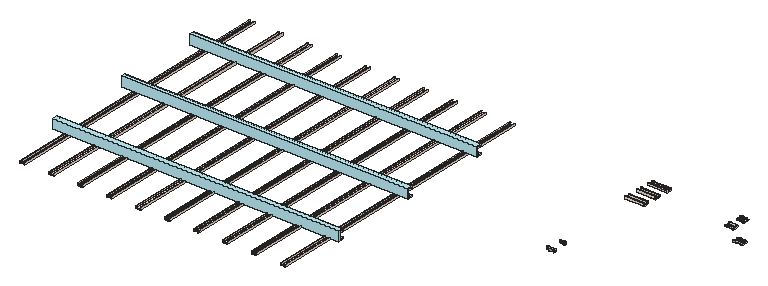
Revit family "soeru_c100", category 機械設備, Revit 2022
Family settings
  丸型コネクタ寸法 = 直径を使用
  種別 = なし
  パーツ タイプ = 標準
  作業面ベース = いいえ
  常に垂直 = はい
  ロード時にボイドで切り取り = いいえ
  注釈の向きを維持 = いいえ
  共有 = いいえ
  部屋計算ポイント = いいえ
Parameters
  製造元 = "株式会社桐井製作所"
  既定の高さ = 0 mm
  URL = "https://www.kirii.co.jp/"
  K_名称 = "ソエルWカバー（C100）"
  K_バージョン情報 = "20231221"
Reference planes
  plane 1 "中心(正面/背面)": y = 0
  plane 2: z = 0
  plane 3 "中心(左/右)": x = 0
  plane 4: z = 19
Lines and regions (mm)
  model lines
    curve 1: line (3467.807, 3284.555, 0) -> (5717.807, 3284.555, 0)
    curve 2: line (5717.807, 2254.555, 0) -> (3467.807, 2254.555, 0)
    curve 3: line (3467.807, 3284.555, 0) -> (3467.807, 2254.555, 0)
    curve 4: line (3467.807, 2054.555, 0) -> (5217.807, 2054.555, 0)
    curve 5: line (5217.807, 1024.555, 0) -> (3467.807, 1024.555, 0)
    curve 6: line (3467.807, 2054.555, 0) -> (3467.807, 1024.555, 0)
    curve 7: line (5217.807, 2054.555, 0) -> (5217.807, 1024.555, 0)
    curve 8: line (5717.807, 3284.555, 0) -> (5717.807, 2254.555, 0)
    curve 9: line (5417.807, 2054.555, 0) -> (7167.807, 2054.555, 0)
    curve 10: line (7167.807, 1024.555, 0) -> (5417.807, 1024.555, 0)
    curve 11: line (5417.807, 2054.555, 0) -> (5417.807, 1024.555, 0)
    curve 12: line (7167.807, 2054.555, 0) -> (7167.807, 1024.555, 0)
Text (mm)
  text "ソエルWカバー(支持構造部:C100×50×20）" at (-488.376, 3567.466, 0), in view "{3D}"
  text "野縁および使用するジョイント" at (3607.293, 3147.828, 0), in view "{3D}"
  text "クリップ補強" at (3607.293, 1917.828, 0), in view "{3D}"
  text "・特殊20ｍｍクリップ" at (3707.619, 1735.328, 0), in view "{3D}"
  text "※「KIRII軽量下地材構造検討書集（ソエルWカバー）」の計算結果を参照し、天井仕様に反映下さい。" at (-488.376, 3427.466, 0), in view "{3D}"
  text "・ソエルWカバー" at (3707.619, 1584.078, 0), in view "{3D}"
  text "セルフドリリングビス" at (5557.293, 1917.828, 0), in view "{3D}"
  text "・KIRII耐震ビス\n（4.2×16)" at (5657.619, 1735.328, 0), in view "{3D}"
  text "・KIRI耐震ビス\n（4.8×25)" at (5657.619, 1370.328, 0), in view "{3D}"
  text "隣り合うジョイント位置は1ｍ以上離して千鳥状に配置する。" at (3707.619, 2355.395, -0.101), in view "{3D}"
  text "・CW-25" at (3707.619, 2814.31, -0.101), in view "{3D}"
  text "・CW-19" at (3707.619, 2964.31, -0.101), in view "{3D}"
  text "・25型Wバー（0.8）" at (3707.619, 2663.06, -0.101), in view "{3D}"
  text "+CW-25用ジョイント" at (4627.619, 2814.31, -0.101), in view "{3D}"
  text "+CW-19用ジョイント" at (4627.619, 2964.31, -0.101), in view "{3D}"
  text "+25型Wバー（0.8）ジョイント" at (4627.619, 2663.06, -0.101), in view "{3D}"
  text "ジョイント等の施工規定については、施工要領書をご確認下さい。\n●URL：ソエルWカバー\nhttps://www.kirii.co.jp/download/dw/sekou/sekou_soeru.pdf" at (7208.523, -40.501, -5856.164), in view "{3D}"
Dimensions and locks
  aligned and locked: level to plane 2
Nested families
  nested 1: "(JIS)100×50×20×2.3" at (-121, 575.25, 0) x (0, 1, 0) z (1, 0, 0), type "(JIS)100×50×20×2.3"
    with K_長さ(mm) 3000 mm
  nested 2: "(JIS)100×50×20×2.3" at (-121, 1474.75, 0) x (0, 1, 0) z (1, 0, 0), type "(JIS)100×50×20×2.3"
    with K_長さ(mm) 3000 mm
  nested 3: "(JIS)100×50×20×2.3" at (-121, 2374.75, 0) x (0, 1, 0) z (1, 0, 0), type "(JIS)100×50×20×2.3"
    with K_長さ(mm) 3000 mm
  nested 4: "特殊20mmWクリップ" at (25, 2425.462, -8), type "特殊20mmWクリップ"
  nested 5: "特殊20mmWクリップ" at (328, 2425.462, -8), type "特殊20mmWクリップ"
  nested 6: "特殊20mmWクリップ" at (631, 2425.462, -8), type "特殊20mmWクリップ"
  nested 7: "特殊20mmWクリップ" at (934, 2425.462, -8), type "特殊20mmWクリップ"
  nested 8: "特殊20mmWクリップ" at (1237, 2425.462, -8), type "特殊20mmWクリップ"
  nested 9: "特殊20mmWクリップ" at (1540, 2425.462, -8), type "特殊20mmWクリップ"
  nested 10: "特殊20mmWクリップ" at (1843, 2425.462, -8), type "特殊20mmWクリップ"
  nested 11: "特殊20mmWクリップ" at (2146, 2425.462, -8), type "特殊20mmWクリップ"
  nested 12: "特殊20mmWクリップ" at (2449, 2425.462, -8), type "特殊20mmWクリップ"
  nested 13: "特殊20mmWクリップ" at (2752, 2425.462, -8), type "特殊20mmWクリップ"
  nested 14: "特殊20mmWクリップ" at (25, 1525.462, -8), type "特殊20mmWクリップ"
  nested 15: "特殊20mmWクリップ" at (328, 1525.462, -8), type "特殊20mmWクリップ"
  nested 16: "特殊20mmWクリップ" at (631, 1525.462, -8), type "特殊20mmWクリップ"
  nested 17: "特殊20mmWクリップ" at (934, 1525.462, -8), type "特殊20mmWクリップ"
  nested 18: "特殊20mmWクリップ" at (1237, 1525.462, -8), type "特殊20mmWクリップ"
  nested 19: "特殊20mmWクリップ" at (1540, 1525.462, -8), type "特殊20mmWクリップ"
  nested 20: "特殊20mmWクリップ" at (1843, 1525.462, -8), type "特殊20mmWクリップ"
  nested 21: "特殊20mmWクリップ" at (2146, 1525.462, -8), type "特殊20mmWクリップ"
  nested 22: "特殊20mmWクリップ" at (2449, 1525.462, -8), type "特殊20mmWクリップ"
  nested 23: "特殊20mmWクリップ" at (2752, 1525.462, -8), type "特殊20mmWクリップ"
  nested 24: "特殊20mmWクリップ" at (25, 625.962, -8), type "特殊20mmWクリップ"
  nested 25: "特殊20mmWクリップ" at (328, 625.962, -8), type "特殊20mmWクリップ"
  nested 26: "特殊20mmWクリップ" at (631, 625.962, -8), type "特殊20mmWクリップ"
  nested 27: "特殊20mmWクリップ" at (934, 625.962, -8), type "特殊20mmWクリップ"
  nested 28: "特殊20mmWクリップ" at (1237, 625.962, -8), type "特殊20mmWクリップ"
  nested 29: "特殊20mmWクリップ" at (1540, 625.962, -8), type "特殊20mmWクリップ"
  nested 30: "特殊20mmWクリップ" at (1843, 625.962, -8), type "特殊20mmWクリップ"
  nested 31: "特殊20mmWクリップ" at (2146, 625.962, -8), type "特殊20mmWクリップ"
  nested 32: "特殊20mmWクリップ" at (2449, 625.962, -8), type "特殊20mmWクリップ"
  nested 33: "特殊20mmWクリップ" at (2752, 625.962, -8), type "特殊20mmWクリップ"
  nested 34: "ソエルWカバー" at (25, 2427.754, 1.25) x (-1, 0, 0) z (0, 0, 1), type "ソエルWカバー"
  nested 35: "ソエルWカバー" at (328, 2427.754, 1.25) x (-1, 0, 0) z (0, 0, 1), type "ソエルWカバー"
  nested 36: "ソエルWカバー" at (631, 2427.754, 1.25) x (-1, 0, 0) z (0, 0, 1), type "ソエルWカバー"
  nested 37: "ソエルWカバー" at (934, 2427.754, 1.25) x (-1, 0, 0) z (0, 0, 1), type "ソエルWカバー"
  nested 38: "ソエルWカバー" at (1237, 2427.754, 1.25) x (-1, 0, 0) z (0, 0, 1), type "ソエルWカバー"
  nested 39: "ソエルWカバー" at (1540, 2427.754, 1.25) x (-1, 0, 0) z (0, 0, 1), type "ソエルWカバー"
  nested 40: "ソエルWカバー" at (1843, 2427.754, 1.25) x (-1, 0, 0) z (0, 0, 1), type "ソエルWカバー"
  nested 41: "ソエルWカバー" at (2146, 2427.754, 1.25) x (-1, 0, 0) z (0, 0, 1), type "ソエルWカバー"
  nested 42: "ソエルWカバー" at (2449, 2427.754, 1.25) x (-1, 0, 0) z (0, 0, 1), type "ソエルWカバー"
  nested 43: "ソエルWカバー" at (2752, 2427.754, 1.25) x (-1, 0, 0) z (0, 0, 1), type "ソエルWカバー"
  nested 44: "ソエルWカバー" at (25, 1527.754, 1.25) x (-1, 0, 0) z (0, 0, 1), type "ソエルWカバー"
  nested 45: "ソエルWカバー" at (328, 1527.754, 1.25) x (-1, 0, 0) z (0, 0, 1), type "ソエルWカバー"
  nested 46: "ソエルWカバー" at (631, 1527.754, 1.25) x (-1, 0, 0) z (0, 0, 1), type "ソエルWカバー"
  nested 47: "ソエルWカバー" at (934, 1527.754, 1.25) x (-1, 0, 0) z (0, 0, 1), type "ソエルWカバー"
  nested 48: "ソエルWカバー" at (1237, 1527.754, 1.25) x (-1, 0, 0) z (0, 0, 1), type "ソエルWカバー"
  nested 49: "ソエルWカバー" at (1540, 1527.754, 1.25) x (-1, 0, 0) z (0, 0, 1), type "ソエルWカバー"
  nested 50: "ソエルWカバー" at (1843, 1527.754, 1.25) x (-1, 0, 0) z (0, 0, 1), type "ソエルWカバー"
  nested 51: "ソエルWカバー" at (2146, 1527.754, 1.25) x (-1, 0, 0) z (0, 0, 1), type "ソエルWカバー"
  nested 52: "ソエルWカバー" at (2449, 1527.754, 1.25) x (-1, 0, 0) z (0, 0, 1), type "ソエルWカバー"
  nested 53: "ソエルWカバー" at (2752, 1527.754, 1.25) x (-1, 0, 0) z (0, 0, 1), type "ソエルWカバー"
  nested 54: "ソエルWカバー" at (25, 628.254, 1.25) x (-1, 0, 0) z (0, 0, 1), type "ソエルWカバー"
  nested 55: "ソエルWカバー" at (328, 628.254, 1.25) x (-1, 0, 0) z (0, 0, 1), type "ソエルWカバー"
  nested 56: "ソエルWカバー" at (631, 628.254, 1.25) x (-1, 0, 0) z (0, 0, 1), type "ソエルWカバー"
  nested 57: "ソエルWカバー" at (934, 628.254, 1.25) x (-1, 0, 0) z (0, 0, 1), type "ソエルWカバー"
  nested 58: "ソエルWカバー" at (1237, 628.254, 1.25) x (-1, 0, 0) z (0, 0, 1), type "ソエルWカバー"
  nested 59: "ソエルWカバー" at (1540, 628.254, 1.25) x (-1, 0, 0) z (0, 0, 1), type "ソエルWカバー"
  nested 60: "ソエルWカバー" at (1843, 628.254, 1.25) x (-1, 0, 0) z (0, 0, 1), type "ソエルWカバー"
  nested 61: "ソエルWカバー" at (2146, 628.254, 1.25) x (-1, 0, 0) z (0, 0, 1), type "ソエルWカバー"
  nested 62: "ソエルWカバー" at (2449, 628.254, 1.25) x (-1, 0, 0) z (0, 0, 1), type "ソエルWカバー"
  nested 63: "ソエルWカバー" at (2752, 628.254, 1.25) x (-1, 0, 0) z (0, 0, 1), type "ソエルWカバー"
  nested 64: "ソエルWカバー" at (4323.345, 1542.909, 1.25) x (-1, 0, 0) z (0, 0, 1), type "ソエルWカバー"
  nested 65: "特殊20mmWクリップ" at (4323.973, 1698.531, -8), type "特殊20mmWクリップ"
  nested 66: "CW-19用ジョイント" at (5227.658, 2913.211, 0), type "CW-19用ジョイント"
    with K_JIS外 no, K_JIS yes
  nested 67: "CW-25用ジョイント" at (5228.587, 2764.406, 0), type "CW-25用ジョイント"
    with K_JIS外 no, K_JIS yes
  nested 68: "CW-19" at (2752, 0, -19) x (0, 1, 0) z (0, 0, 1), type "CW-19"
    with K_長さ(mm) 3000 mm, K_JIS外 no, K_JIS yes
  nested 69: "CW-19" at (2449, 0, -19) x (0, 1, 0) z (0, 0, 1), type "CW-19"
    with K_長さ(mm) 3000 mm, K_JIS外 no, K_JIS yes
  nested 70: "CW-19" at (2146, 0, -19) x (0, 1, 0) z (0, 0, 1), type "CW-19"
    with K_長さ(mm) 3000 mm, K_JIS外 no, K_JIS yes
  nested 71: "CW-19" at (1843, 0, -19) x (0, 1, 0) z (0, 0, 1), type "CW-19"
    with K_長さ(mm) 3000 mm, K_JIS外 no, K_JIS yes
  nested 72: "CW-19" at (1540, 0, -19) x (0, 1, 0) z (0, 0, 1), type "CW-19"
    with K_長さ(mm) 3000 mm, K_JIS外 no, K_JIS yes
  nested 73: "CW-19" at (1237, 0, -19) x (0, 1, 0) z (0, 0, 1), type "CW-19"
    with K_長さ(mm) 3000 mm, K_JIS外 no, K_JIS yes
  nested 74: "CW-19" at (934, 0, -19) x (0, 1, 0) z (0, 0, 1), type "CW-19"
    with K_長さ(mm) 3000 mm, K_JIS外 no, K_JIS yes
  nested 75: "CW-19" at (631, 0, -19) x (0, 1, 0) z (0, 0, 1), type "CW-19"
    with K_長さ(mm) 3000 mm, K_JIS外 no, K_JIS yes
  nested 76: "CW-19" at (328, 0, -19) x (0, 1, 0) z (0, 0, 1), type "CW-19"
    with K_長さ(mm) 3000 mm, K_JIS外 no, K_JIS yes
  nested 77: "CW-19" at (25, 0, -19) x (0, 1, 0) z (0, 0, 1), type "CW-19"
    with K_長さ(mm) 3000 mm, K_JIS外 no, K_JIS yes
  nested 78: "CW-19" at (4262.587, 2912.277, 0), type "CW-19"
    with K_長さ(mm) 200 mm, K_JIS外 no, K_JIS yes
  nested 79: "CW-25" at (4262.587, 2764.406, 0), type "CW-25"
    with K_長さ(mm) 200 mm, K_JIS外 no, K_JIS yes
  nested 80: "25形Wバー(0.8)" at (4257.807, 2614.555, 0), type "25形Wバー(0.8)"
    with K_長さ(mm) 200 mm
  nested 81: "25形Wバー(0.8）ジョイント" at (5437.807, 2609.555, 0), type "25形Wバー(0.8）ジョイント"
Definition of nested family "(JIS)100×50×20×2.3"
  Parameters (values of type "(JIS)100×50×20×2.3")
    Manufacturer = "株式会社桐井製作所"
    Default Elevation = 0 mm
    URL = "https://www.kirii.co.jp/"
    K_長さ(mm) [instance] = 1000 mm
    K_材質 = "SSC400"
    K_断面積A(mm2) = 517.2
    K_断面係数Zy(mm3) = 6058
    K_断面係数Zx(mm3) = 16130
    K_断面2次半径iy(mm) = 19.2
    K_断面2次半径ix(mm) = 39.5
    K_断面2次モーメントIy(mm4) = 190000
    K_断面2次モーメントIx(mm4) = 806900
    K_外形寸法(mm) = "100×50×20×2.3"
    K_品名 = "(JIS)100×50×20×2.3"
    K_名称 = "補強材"
    K_単位質量(kg/m) = 4.101
    K_ヤング係数E(N/mm2) = 205000
    K_バージョン情報 = "20210524"
    K_めっき付着量 = "Z12"
    K_JIS規格 = "JIS G 3350"
  Reference planes
    plane 1 "中心(正面/背面)": y = 0
    plane 2: z = 0
    plane 3 "中心(左/右)": x = 0
    plane 4: z = 1000
    plane 5: y = 100
  Forms (mm)
    Extrusion 1, solid
      sketch origin (0, 0, 0) x (1, 0, 0) y (0, 1, 0)
        loop
          line (0, 0) -> (50, 0) -> (50, 20) -> (47.7, 20) -> (47.7, 2.3) -> (2.3, 2.3) -> (2.3, 97.7) -> (47.7, 97.7) -> (47.7, 80) -> (50, 80) -> (50, 100) -> (0, 100) -> (0, 0)
      from 0 to 1000
  Dimensions and locks
    "K_長さ(mm)": plane 4 to plane 2
    aligned and locked: level to plane 2
    aligned and locked: plane 4 to Extrusion 1
    aligned and locked: plane 5 to Extrusion 1  (x2)
  Automatic sketch dimensions
    Extrusion 1 sketch curve to plane 3 "中心(左/右)" = 0 mm
    plane 1 "中心(正面/背面)" to Extrusion 1 sketch curve = 0 mm
    plane 3 "中心(左/右)" to Extrusion 1 sketch curve = 2.3 mm
    Extrusion 1 sketch curve to plane 1 "中心(正面/背面)" = 20 mm
    Extrusion 1 sketch curve to Extrusion 1 sketch curve = 45.4 mm  (x2)
    Extrusion 1 sketch curve to Extrusion 1 sketch curve = 2.3 mm  (x3)
    Extrusion 1 sketch curve to plane 1 "中心(正面/背面)" = 2.3 mm
    Extrusion 1 sketch curve to Extrusion 1 sketch curve = 60 mm
    Extrusion 1 sketch curve to Extrusion 1 sketch curve = 17.7 mm
Definition of nested family "特殊20mmWクリップ"
  Parameters (values of type "特殊20mmWクリップ")
    Manufacturer = "株式会社桐井製作所"
    Default Elevation = 0 mm
    URL = "https://www.kirii.co.jp/"
    K_品名 = "特殊20mmWクリップ"
    K_名称 = "特殊クリップ"
    K_入数 = "1000"
    K_バージョン情報 = "20211012"
  Reference planes
    plane 1 "中心(正面/背面)": y = 0
    plane 2: z = 0
    plane 3 "中心(左/右)": x = 0
  Forms (mm)
    Extrusion 1, solid
      sketch origin (0, 30, 0) x (0, 1, 0) y (0, 0, 1)
        loop
          line (-30, 0) -> (-29.4, -0.6) -> (-29.4, 26.75)
          arc (-29.4, 26.75) -> (-29.034, 27.634) -> (-28.15, 28) r 1.25
          line (-28.15, 28) -> (-26.25, 28)
          arc (-26.25, 28) -> (-25.79, 27.81) -> (-25.6, 27.35) r 0.65
          line (-25.6, 27.35) -> (-25.6, 13.75) -> (-25, 14.35) -> (-25, 27.35)
          arc (-25, 27.35) -> (-25.366, 28.234) -> (-26.25, 28.6) r 1.25
          line (-26.25, 28.6) -> (-28.75, 28.6)
          arc (-28.75, 28.6) -> (-29.634, 28.234) -> (-30, 27.35) r 1.25
          line (-30, 27.35) -> (-30, 0)
      from -26.5 to 26.5
    Extrusion 2, void
      sketch origin (0, 0, 0) x (1, 0, 0) y (0, 0, 1)
        loop
          line (26.5, 16.35) -> (17.5, 10.5) -> (17.5, 4.5)
          arc (17.5, 4.5) -> (18.602, 3.054) -> (20.289, 3.732) r 1.5
          line (20.289, 3.732) -> (22.6, 7.611)
          arc (22.6, 7.611) -> (22.933, 8.019) -> (23.4, 7.775) r 0.417
          line (23.4, 7.775) -> (23.4, 3)
          arc (23.4, 3) -> (22.521, 0.879) -> (20.4, 0) r 3
          line (20.4, 0) -> (26.5, 0) -> (26.5, 16.35)
        loop
          line (-26.5, 16.35) -> (-26.5, 0) -> (-20.4, 0)
          arc (-20.4, 0) -> (-22.521, 0.879) -> (-23.4, 3) r 3
          line (-23.4, 3) -> (-23.4, 7.775)
          arc (-23.4, 7.775) -> (-22.933, 8.019) -> (-22.6, 7.611) r 0.417
          line (-22.6, 7.611) -> (-20.289, 3.732)
          arc (-20.289, 3.732) -> (-18.602, 3.054) -> (-17.5, 4.5) r 1.5
          line (-17.5, 4.5) -> (-17.5, 10.5) -> (-26.5, 16.35)
      from -1.85 to 0.213
    Extrusion 3, void
      sketch origin (0, -0.6, -0.8) x (0, 1, 0) y (0, 0, 1)
        loop
          line (0.387, 0.8) -> (0.387, -0.064) -> (1.428, -0.064) -> (1.428, 0.8) -> (0.387, 0.8)
      from -27.5 to 27.5
    Extrusion 4, void
      sketch origin (-10.419, 0, -0.611) x (1, 0, 0) y (0, 0, 1)
        loop
          arc (-2.081, 28.211) -> (-1.495, 26.796) -> (-0.081, 26.211) r 2
          line (-0.081, 26.211) -> (3.419, 26.211)
          arc (3.419, 26.211) -> (4.833, 26.796) -> (5.419, 28.211) r 2
          line (5.419, 28.211) -> (5.419, 29.211) -> (-2.081, 29.211) -> (-2.081, 28.211)
      from -3.583 to 0.213
    Extrusion 5, void
      sketch origin (-10.5, 0, 0) x (1, 0, 0) y (0, 0, 1)
        loop
          line (5.5, 28.6) -> (-2, 28.6) -> (-2, 13.497) -> (5.5, 13.497) -> (5.5, 28.6)
      from -3.583 to -5.28
    Extrusion 6, void
      sketch origin (10.581, 0, -0.767) x (1, 0, 0) y (0, 0, 1)
        loop
          line (1.919, 28.367) -> (1.919, 29.367) -> (-5.581, 29.367) -> (-5.581, 28.367)
          arc (-5.581, 28.367) -> (-4.995, 26.953) -> (-3.581, 26.367) r 2
          line (-3.581, 26.367) -> (-0.081, 26.367)
          arc (-0.081, 26.367) -> (1.333, 26.953) -> (1.919, 28.367) r 2
      from -3.583 to 0.213
    Extrusion 7, void
      sketch origin (10.5, 0, 7.03) x (1, 0, 0) y (0, 0, 1)
        loop
          line (-5.5, 21.57) -> (-5.5, 6.468) -> (2, 6.468) -> (2, 21.57) -> (-5.5, 21.57)
      from -3.583 to -5.28
    Extrusion 8, void
      sketch origin (0, -11.6, -5.393) x (0, 1, 0) y (0, 0, 1)
        loop
          line (15.7, 19.745) -> (15.7, 18.89) -> (16.88, 18.89) -> (16.88, 19.745) -> (15.7, 19.745)
      from -26.5 to 26.5
    Extrusion 9, solid
      sketch origin (0, 0, 0) x (1, 0, 0) y (0, 0, 1)
        loop
          arc (-19.208, 23.6) -> (-22.364, 21.243) -> (-21.002, 17.547) r 3.292
          line (-21.002, 17.547) -> (-14.93, 13.6) -> (-13.5, 13.6)
          arc (-13.5, 13.6) -> (-12.793, 13.307) -> (-12.5, 12.6) r 1
          line (-12.5, 12.6) -> (-12.5, 7.5)
          arc (-12.5, 7.5) -> (-11.475, 5.025) -> (-9, 4) r 3.5
          arc (-9, 4) -> (-6.525, 5.025) -> (-5.5, 7.5) r 3.5
          line (-5.5, 7.5) -> (-5.5, 12.6)
          arc (-5.5, 12.6) -> (-5.207, 13.307) -> (-4.5, 13.6) r 1
          line (-4.5, 13.6) -> (0, 13.6) -> (4.5, 13.6)
          arc (4.5, 13.6) -> (5.207, 13.307) -> (5.5, 12.6) r 1
          line (5.5, 12.6) -> (5.5, 7.5)
          arc (5.5, 7.5) -> (6.525, 5.025) -> (9, 4) r 3.5
          arc (9, 4) -> (11.475, 5.025) -> (12.5, 7.5) r 3.5
          line (12.5, 7.5) -> (12.5, 12.6)
          arc (12.5, 12.6) -> (12.793, 13.307) -> (13.5, 13.6) r 1
          line (13.5, 13.6) -> (14.93, 13.6) -> (21.002, 17.547)
          arc (21.002, 17.547) -> (22.364, 21.243) -> (19.208, 23.6) r 3.292
          line (19.208, 23.6) -> (0, 23.6) -> (-19.208, 23.6)
      from 0 to 0.9
    Extrusion 10, solid
      sketch origin (0, 0, 0) x (1, 0, 0) y (0, 0, 1)
        loop
          arc (-23.4, 3) -> (-22.521, 0.879) -> (-20.4, 0) r 3
          line (-20.4, 0) -> (20.4, 0)
          arc (20.4, 0) -> (22.521, 0.879) -> (23.4, 3) r 3
          line (23.4, 3) -> (23.4, 7.775)
          arc (23.4, 7.775) -> (22.933, 8.019) -> (22.6, 7.611) r 0.417
          line (22.6, 7.611) -> (22.6, 3)
          arc (22.6, 3) -> (21.956, 1.444) -> (20.4, 0.8) r 2.2
          line (20.4, 0.8) -> (-20.4, 0.8)
          arc (-20.4, 0.8) -> (-21.956, 1.444) -> (-22.6, 3) r 2.2
          line (-22.6, 3) -> (-22.6, 7.611)
          arc (-22.6, 7.611) -> (-22.933, 8.019) -> (-23.4, 7.775) r 0.417
          line (-23.4, 7.775) -> (-23.4, 3)
      from -4.5 to -0.6
  Cuts and joins
    Extrusion 2, Extrusion 3, Extrusion 4, Extrusion 5, Extrusion 6, Extrusion 7, Extrusion 8 cuts Extrusion 1
    joined: Extrusion 1, Extrusion 9, Extrusion 10
  Dimensions and locks
    aligned and locked: level to plane 2
Definition of nested family "ソエルWカバー"
  Parameters (values of type "ソエルWカバー")
    Manufacturer = "株式会社桐井製作所"
    Default Elevation = 0 mm
    URL = "https://www.kirii.co.jp/"
    K_許容荷重(鉛直)(N) = 660
    K_許容荷重(水平)(N) = 250
    K_板厚(mm) = 1.2 mm
    K_材質 = "SGCC"
    K_品名 = "ソエルWカバー"
    K_名称 = "野縁直付天井用クリップ補強金具"
    K_入数 = "100"
    K_バージョン情報 = "20211216"
    K_めっき付着量 = "Z12"
    K_JIS規格 = "JIS G 3302"
  Reference planes
    plane 1 "中心(正面/背面)": y = 0
    plane 2: z = 0
    plane 3 "中心(左/右)": x = 0
  Forms (mm)
    Extrusion 1, solid
      sketch origin (0, -8.287, 0) x (1, 0, 0) y (0, 0, 1)
        loop
          arc (-23.8, 0) -> (-25.497, -0.703) -> (-26.2, -2.4) r 2.4
          line (-26.2, -2.4) -> (-26.2, -16.2) -> (-25, -16.2) -> (-25, -2.4)
          arc (-25, -2.4) -> (-24.649, -1.551) -> (-23.8, -1.2) r 1.2
          line (-23.8, -1.2) -> (23.8, -1.2)
          arc (23.8, -1.2) -> (24.649, -1.551) -> (25, -2.4) r 1.2
          line (25, -2.4) -> (25, -16.2) -> (26.2, -16.2) -> (26.2, -2.4)
          arc (26.2, -2.4) -> (25.497, -0.703) -> (23.8, 0) r 2.4
          line (23.8, 0) -> (-23.8, 0)
      from -7.087 to 12.913
    Extrusion 2, void
      sketch origin (0, -1.2, 0) x (0, 1, 0) y (0, 0, 1)
        loop
          line (-5, -16.2) -> (0, -16.2) -> (0, -6.2) -> (-5, -16.2)
      from -26.2 to 26.2
    Extrusion 3, solid
      sketch origin (0, -1.2, 0) x (1, 0, 0) y (0, 0, 1)
        loop
          line (45, 28.8) -> (-45, 28.8) -> (-45, 21.8) -> (-22.801, 21.8) -> (-32.5, 5) -> (-32.5, 0) -> (32.5, 0) -> (32.5, 5) -> (22.801, 21.8) -> (45, 21.8) -> (45, 28.8)
      from -2.4 to -1.2
    Extrusion 4, solid
      sketch origin (0, -1.2, 0) x (0, 1, 0) y (0, 0, 1)
        loop
          line (-20, -1.2) -> (1.2, -1.2)
          arc (1.2, -1.2) -> (2.049, -0.849) -> (2.4, 0) r 1.2
          line (2.4, 0) -> (-20, 0) -> (-20, -1.2)
      from -23.8 to 23.807
    Extrusion 5, void
      sketch origin (0, -1.2, 0) x (0, 1, 0) y (0, 0, 1)
        loop
          circle (-10, -8.7) r 2.25
      from 25 to 26.2
    Extrusion 6, void
      sketch origin (0, -1.2, 0) x (0, 1, 0) y (0, 0, 1)
        loop
          circle (-10, -8.7) r 2.25
      from -26.2 to -25
    Extrusion 7, void
      sketch origin (0, -1.2, 0) x (1, 0, 0) y (0, 0, 1)
        loop
          circle (-18, 4) r 1
        loop
          circle (18, 4) r 1
        loop
          circle (0, 8.8) r 2.25
      from -2.4 to -1.2
    Extrusion 8, solid
      sketch origin (0, 0, 0) x (0, 1, 0) y (0, 0, 1)
        loop
          line (6.9, 1.8) -> (6.9, 19.792)
          arc (6.9, 19.792) -> (6.619, 20.564) -> (5.907, 20.974) r 1.2
          line (5.907, 20.974) -> (1.2, 21.8) -> (0, 21.8)
          arc (0, 21.8) -> (0.281, 21.028) -> (0.993, 20.618) r 1.2
          line (0.993, 20.618) -> (5.7, 19.792) -> (5.7, 1.8) -> (6.9, 1.8)
      from -45 to 45
    Extrusion 9, void
      sketch origin (0, 0, 0) x (1, 0, 0) y (0, 0, 1)
        loop
          line (-40, 1.8) -> (40, 1.8) -> (28.453, 21.8) -> (-28.453, 21.8) -> (-40, 1.8)
      from -6.9 to -1.2
    Extrusion 10, void
      sketch origin (0, 0, 0) x (1, 0, 0) y (0, 0, 1)
        loop
          circle (-29.497, 3) r 1.597
        loop
          circle (29.497, 3) r 1.603
      from -0.649 to 0
  Cuts and joins
    Extrusion 2, Extrusion 5, Extrusion 6 cuts Extrusion 1
    Extrusion 7, Extrusion 9, Extrusion 10 cuts Extrusion 3
    Extrusion 10 cuts Extrusion 4
    Extrusion 9, Extrusion 10 cuts Extrusion 8
    joined: Extrusion 3, Extrusion 4, Extrusion 8
  Dimensions and locks
    aligned and locked: level to plane 2
    aligned and locked: plane 1 "中心(正面/背面)" to Extrusion 10
Definition of nested family "CW-19用ジョイント"
  Parameters (values of type "CW-19用ジョイント")
    Manufacturer = "株式会社桐井製作所"
    Default Elevation = 0 mm
    URL = "https://www.kirii.co.jp/"
    K_材質 = "SGCC　一般用"
    K_品名 = "CW-19用ジョイント"
    K_名称 = "野縁ジョイント"
    K_単位質量(kg/個) = 0.029
    K_入数 = "200"
    K_バージョン情報 = "20210524"
    K_めっき付着量 = "Z12"
    K_JIS規格 = "JIS G 3302"
    K_JIS外 [instance] = not(K_JIS)  # no
    K_JIS [instance] = yes
  Reference planes
    plane 1 "中心(正面/背面)": y = 0
    plane 2: z = 0
    plane 3 "中心(左/右)": x = 0
  Forms (mm)
    Extrusion 1, solid
      sketch origin (0, 0, 0) x (0, 1, 0) y (0, 0, 1)
        loop
          line (20.385, 4.53) -> (-20.385, 4.53) -> (-21.352, 1.547)
          arc (-21.352, 1.547) -> (-22.967, 0.546) -> (-24.22, 1.976) r 1.47
          line (-24.22, 1.976) -> (-24.459, 16.547) -> (-25, 17.191) -> (-24.75, 1.967)
          arc (-24.75, 1.967) -> (-23.046, 0.022) -> (-20.847, 1.384) r 2
          line (-20.847, 1.384) -> (-20, 4) -> (20, 4) -> (20.847, 1.384)
          arc (20.847, 1.384) -> (23.046, 0.022) -> (24.75, 1.967) r 2
          line (24.75, 1.967) -> (25, 17.191) -> (24.459, 16.547) -> (24.22, 1.976)
          arc (24.22, 1.976) -> (22.967, 0.546) -> (21.352, 1.547) r 1.47
          line (21.352, 1.547) -> (20.385, 4.53)
      from -42.5 to 42.5
    Extrusion 2, solid
      sketch origin (0, -13.587, -0.882) x (0, 0.997137, -0.075613) y (0, 0.075613, 0.997137)
        loop
          arc (-12.378, 13.168) -> (-15.089, 9.905) -> (-11.826, 7.194) r 3
          line (-11.826, 7.194) -> (-12.378, 13.168)
      from -0.5 to 0
    Extrusion 3, void
      sketch origin (0, -13.071, 0.1) x (1, 0, 0) y (0, -0.008054, 0.999968)
        loop
          arc (0, 7.2) -> (3, 10.2) -> (0, 13.2) r 3
          line (0, 13.2) -> (0, 7.2)
      from 11 to 12
    Extrusion 4, void
      sketch origin (0, 0, 0) x (1, 0, 0) y (0, 0, 1)
        loop
          line (31.511, 17.191) -> (41.4, 9.1)
          arc (41.4, 9.1) -> (42.211, 8.063) -> (42.5, 6.778) r 3
          line (42.5, 6.778) -> (42.5, 17.191) -> (31.511, 17.191)
        loop
          line (-42.5, 17.191) -> (-42.5, 6.778)
          arc (-42.5, 6.778) -> (-42.211, 8.063) -> (-41.4, 9.1) r 3
          line (-41.4, 9.1) -> (-31.511, 17.191) -> (-42.5, 17.191)
      from -26 to 26
  Cuts and joins
    Extrusion 3, Extrusion 4 cuts Extrusion 1
    joined: Extrusion 1, Extrusion 2
  Dimensions and locks
    aligned and locked: level to plane 2
Definition of nested family "CW-25用ジョイント"
  Parameters (values of type "CW-25用ジョイント")
    Manufacturer = "株式会社桐井製作所"
    Default Elevation = 0 mm
    URL = "https://www.kirii.co.jp/"
    K_材質 = "SGCC　一般用"
    K_品名 = "CW-25用ジョイント"
    K_名称 = "野縁ジョイント"
    K_単位質量(kg/個) = 0.037
    K_入数 = "160"
    K_バージョン情報 = "20210524"
    K_めっき付着量 = "Z12"
    K_JIS規格 = "JIS G 3302"
    K_JIS外 [instance] = not(K_JIS)  # no
    K_JIS [instance] = yes
  Reference planes
    plane 1 "中心(正面/背面)": y = 0
    plane 2: z = 0
    plane 3 "中心(左/右)": x = 0
  Forms (mm)
    Extrusion 1, solid
      sketch origin (0, 0, 0.154) x (0, 1, 0) y (0, 0, 1)
        loop
          line (-17.76, 3.009) -> (0, 3.009) -> (17.76, 3.009)
          arc (17.76, 3.009) -> (21.125, 0.011) -> (24.25, 3.259) r 3.25
          line (24.25, 3.259) -> (26, 22.64) -> (25.448, 22.088) -> (23.702, 2.745)
          arc (23.702, 2.745) -> (20.955, 0.509) -> (18.283, 2.833) r 2.75
          arc (18.283, 2.833) -> (18.013, 3.317) -> (17.493, 3.509) r 0.8
          line (17.493, 3.509) -> (0, 3.509) -> (-17.493, 3.509)
          arc (-17.493, 3.509) -> (-18.013, 3.317) -> (-18.283, 2.833) r 0.8
          arc (-18.283, 2.833) -> (-20.955, 0.509) -> (-23.702, 2.745) r 2.75
          line (-23.702, 2.745) -> (-25.449, 22.093) -> (-26.001, 22.645) -> (-24.25, 3.259)
          arc (-24.25, 3.259) -> (-21.125, 0.011) -> (-17.76, 3.009) r 3.25
      from -46 to 46
    Extrusion 2, solid
      sketch origin (0.25, -13.587, -0.748) x (0, 0.997137, -0.075613) y (0, 0.075613, 0.997137)
        loop
          arc (-13.166, 16.596) -> (-15.63, 13.142) -> (-12.176, 10.678) r 3
          line (-12.176, 10.678) -> (-13.166, 16.596)
      from -0.5 to 0
    Extrusion 3, void
      sketch origin (-0.27, -13.382, 23.939) x (-1, 0, 0) y (0, -0.008054, -0.999968)
        loop
          arc (-0.02, 7.239) -> (2.974, 10.239) -> (-0.02, 13.239) r 3
          line (-0.02, 13.239) -> (-0.02, 7.239)
      from 10.527 to 12.242
    Extrusion 4, void
      sketch origin (0, 0, 0) x (1, 0, 0) y (0, 0, 1)
        loop
          arc (44.462, 18.434) -> (45.58, 17.513) -> (46, 16.126) r 2.5
          line (46, 16.126) -> (46, 22.793) -> (33, 22.793)
          arc (33, 22.793) -> (33.981, 22.696) -> (34.923, 22.408) r 5
          line (34.923, 22.408) -> (44.462, 18.434)
        loop
          arc (-34.923, 22.408) -> (-33.981, 22.696) -> (-33, 22.793) r 5
          line (-33, 22.793) -> (-46, 22.793) -> (-46, 16.126)
          arc (-46, 16.126) -> (-45.58, 17.513) -> (-44.462, 18.434) r 2.5
          line (-44.462, 18.434) -> (-34.923, 22.408)
      from -26.529 to 26.374
  Cuts and joins
    Extrusion 3, Extrusion 4 cuts Extrusion 1
    joined: Extrusion 1, Extrusion 2
  Dimensions and locks
    aligned and locked: level to plane 2
Definition of nested family "CW-19"
  Parameters (values of type "CW-19")
    Manufacturer = "株式会社桐井製作所"
    Default Elevation = 0 mm
    URL = "https://www.kirii.co.jp/"
    K_長さ(mm) [instance] = 1000 mm
    K_材質 = "SGCC　一般用"
    K_断面積A(mm2) = 49
    K_断面係数Zy(mm3) = 768.8
    K_断面係数Zx(mm3) = 184.8
    K_断面2次半径iy(mm) = 19.8
    K_断面2次半径ix(mm) = 7
    K_断面2次モーメントIy(mm4) = 19220
    K_断面2次モーメントIx(mm4) = 2395
    K_外形寸法(mm) = "19×50×0.5"
    K_品名 = "CW-19"
    K_名称 = "野縁"
    K_単位質量(kg/m) = 0.403
    K_ヤング係数E(N/mm2) = 205000
    K_バージョン情報 = "20210524"
    K_めっき付着量 = "Z12"
    K_JIS規格 = "JIS G 3302"
    K_JIS外 [instance] = not(K_JIS)  # no
    K_JIS [instance] = yes
  Reference planes
    plane 1 "中心(正面/背面)": y = 0
    plane 2: z = 0
    plane 3 "中心(左/右)": x = 0
    plane 4: x = 1000
    plane 5: y = 25
    plane 6: y = -25
    plane 7: z = 19
  Forms (mm)
    Extrusion 1, solid
      sketch origin (0, 0, 0) x (0, -1, 0) y (0, 0, 1)
        loop
          line (-25, 0) -> (-20.2, 0) -> (-19.052, 0.5) -> (-11.148, 0.5) -> (-10, 0) -> (10, 0) -> (11.148, 0.5) -> (19.052, 0.5) -> (20.2, 0) -> (25, 0) -> (25, 19) -> (21, 19) -> (21, 16.246) -> (21.5, 15.532) -> (21.5, 18.5) -> (24.5, 18.5) -> (24.5, 0.5) -> (20.304, 0.5) -> (19.156, 1) -> (11.044, 1) -> (9.896, 0.5) -> (-9.896, 0.5) -> (-11.044, 1) -> (-19.156, 1) -> (-20.304, 0.5) -> (-24.5, 0.5) -> (-24.5, 18.5) -> (-21.5, 18.5) -> (-21.5, 15.532) -> (-21, 16.246) -> (-21, 19) -> (-25, 19) -> (-25, 0)
      from 0 to -1000
    Extrusion 2, void
      sketch origin (0, 0, 0) x (0, 1, 0) y (0, 0, 1)
        loop
          line (-21.893, 16.282) -> (-21.893, 14.539) -> (22.033, 14.539) -> (22.033, 16.282) -> (-21.893, 16.282)
      from 0 to 1000
  Cuts and joins
    Extrusion 2 cuts Extrusion 1
  Dimensions and locks
    "K_長さ(mm)": plane 3 "中心(左/右)" to plane 4
    aligned and locked: level to plane 2
    aligned and locked: plane 4 to Extrusion 1
    aligned and locked: Extrusion 1 to Extrusion 2
    aligned and locked: Extrusion 2 to plane 3 "中心(左/右)"
  Automatic sketch dimensions
    plane 6 to Extrusion 2 sketch curve = 3.107 mm
    Extrusion 2 sketch curve to plane 5 = 2.967 mm
    Extrusion 2 sketch curve to Extrusion 2 sketch curve = 1.744 mm
    Extrusion 2 sketch curve to plane 7 = 4.461 mm
    Extrusion 1 sketch curve to level = 0 mm  (x3)
    Extrusion 1 sketch curve to plane 5 = 0 mm
    Extrusion 1 sketch curve to plane 6 = 0 mm
    Extrusion 1 sketch curve to plane 5 = 0.5 mm
    Extrusion 1 sketch curve to plane 5 = 3.5 mm
    Extrusion 1 sketch curve to Extrusion 1 sketch curve = 0.5 mm  (x2)
    level to Extrusion 1 sketch curve = 0.5 mm  (x5)
    Extrusion 1 sketch curve to Extrusion 1 sketch curve = 4.196 mm
    Extrusion 1 sketch curve to Extrusion 1 sketch curve = 0.104 mm  (x8)
    level to Extrusion 1 sketch curve = 1 mm  (x2)
    Extrusion 1 sketch curve to Extrusion 1 sketch curve = 1.148 mm  (x4)
    Extrusion 1 sketch curve to Extrusion 1 sketch curve = 7.903 mm
    plane 1 "中心(正面/背面)" to Extrusion 1 sketch curve = 9.896 mm
    plane 6 to Extrusion 1 sketch curve = 5.948 mm
    plane 6 to Extrusion 1 sketch curve = 4 mm
    plane 6 to Extrusion 1 sketch curve = 0.5 mm
    Extrusion 1 sketch curve to plane 7 = 3.468 mm  (x2)
    Extrusion 1 sketch curve to Extrusion 1 sketch curve = 0.714 mm  (x2)
    Extrusion 1 sketch curve to plane 7 = 0.5 mm  (x2)
    Extrusion 1 sketch curve to plane 7 = 0 mm  (x2)
Definition of nested family "CW-25"
  Parameters (values of type "CW-25")
    Manufacturer = "株式会社桐井製作所"
    Default Elevation = 0 mm
    URL = "https://www.kirii.co.jp/"
    K_長さ(mm) [instance] = 1000 mm
    K_材質 = "SGCC　一般用"
    K_断面積A(mm2) = 55
    K_断面係数Zy(mm3) = 921.6
    K_断面係数Zx(mm3) = 276.5
    K_断面2次半径iy(mm) = 20.5
    K_断面2次半径ix(mm) = 9.1
    K_断面2次モーメントIy(mm4) = 23040
    K_断面2次モーメントIx(mm4) = 4578
    K_外形寸法(mm) = "25×50×0.5"
    K_品名 = "CW-25"
    K_名称 = "野縁"
    K_単位質量(kg/m) = 0.452
    K_ヤング係数E(N/mm2) = 205000
    K_バージョン情報 = "20210524"
    K_めっき付着量 = "Z12"
    K_JIS規格 = "JIS G 3302"
    K_JIS外 [instance] = not(K_JIS)  # no
    K_JIS [instance] = yes
  Reference planes
    plane 1 "中心(正面/背面)": y = 0
    plane 2: z = 0
    plane 3 "中心(左/右)": x = 0
    plane 4: x = 1000
    plane 5: z = 25
    plane 6: y = 25
    plane 7: y = -25
  Forms (mm)
    Extrusion 1, solid
      sketch origin (0, 0, 0) x (0, -1, 0) y (0, 0, 1)
        loop
          line (-25, 0) -> (-20.2, 0) -> (-19.052, 0.5) -> (-11.148, 0.5) -> (-10, 0) -> (10, 0) -> (11.148, 0.5) -> (19.052, 0.5) -> (20.2, 0) -> (25, 0) -> (25, 25) -> (21, 25) -> (21, 22.3) -> (21.5, 21.586) -> (21.5, 24.5) -> (24.5, 24.5) -> (24.5, 0.5) -> (20.304, 0.5) -> (19.156, 1) -> (11.044, 1) -> (9.896, 0.5) -> (-9.896, 0.5) -> (-11.044, 1) -> (-19.156, 1) -> (-20.304, 0.5) -> (-24.5, 0.5) -> (-24.5, 24.5) -> (-21.5, 24.5) -> (-21.5, 21.586) -> (-21, 22.3) -> (-21, 25) -> (-25, 25) -> (-25, 0)
      from 0 to -1000
    Extrusion 2, void
      sketch origin (0, 0, 0) x (0, 1, 0) y (0, 0, 1)
        loop
          line (-21.893, 22.336) -> (-21.893, 20.592) -> (22.033, 20.592) -> (22.033, 22.336) -> (-21.893, 22.336)
      from 0 to 1000
  Cuts and joins
    Extrusion 2 cuts Extrusion 1
  Dimensions and locks
    plane 5 to level = 25 mm
    "K_長さ(mm)": plane 3 "中心(左/右)" to plane 4
    aligned and locked: level to plane 2
    aligned and locked: plane 4 to Extrusion 1
    aligned and locked: Extrusion 1 to Extrusion 2
    aligned and locked: Extrusion 2 to plane 3 "中心(左/右)"
  Automatic sketch dimensions
    Extrusion 1 sketch curve to level = 0 mm  (x3)
    Extrusion 1 sketch curve to plane 6 = 0 mm
    Extrusion 1 sketch curve to plane 5 = 0 mm  (x2)
    Extrusion 1 sketch curve to plane 7 = 0 mm
    Extrusion 1 sketch curve to plane 6 = 0.5 mm
    Extrusion 1 sketch curve to plane 5 = 0.5 mm  (x2)
    Extrusion 1 sketch curve to Extrusion 1 sketch curve = 3 mm
    Extrusion 1 sketch curve to Extrusion 1 sketch curve = 0.5 mm  (x2)
    level to Extrusion 1 sketch curve = 0.5 mm  (x5)
    Extrusion 1 sketch curve to Extrusion 1 sketch curve = 4.196 mm
    Extrusion 1 sketch curve to Extrusion 1 sketch curve = 0.104 mm  (x8)
    level to Extrusion 1 sketch curve = 1 mm  (x2)
    Extrusion 1 sketch curve to Extrusion 1 sketch curve = 1.148 mm  (x4)
    Extrusion 1 sketch curve to Extrusion 1 sketch curve = 7.903 mm
    plane 1 "中心(正面/背面)" to Extrusion 1 sketch curve = 9.896 mm
    plane 7 to Extrusion 1 sketch curve = 5.948 mm
    plane 7 to Extrusion 1 sketch curve = 4 mm
    plane 7 to Extrusion 1 sketch curve = 0.5 mm
    Extrusion 1 sketch curve to plane 5 = 3.414 mm
    Extrusion 1 sketch curve to Extrusion 1 sketch curve = 0.714 mm  (x2)
    Extrusion 1 sketch curve to Extrusion 1 sketch curve = 2.2 mm
    plane 7 to Extrusion 2 sketch curve = 3.107 mm
    Extrusion 2 sketch curve to plane 6 = 2.967 mm
    Extrusion 2 sketch curve to plane 5 = 4.408 mm
    Extrusion 2 sketch curve to Extrusion 2 sketch curve = 1.744 mm
Definition of nested family "25形Wバー(0.8)"
  Parameters (values of type "25形Wバー(0.8)")
    Manufacturer = "株式会社桐井製作所"
    Default Elevation = 0 mm
    URL = "https://www.kirii.co.jp/"
    K_長さ(mm) [instance] = 1000 mm
    K_材質 = "SGCC一般用　SGC340~570高強度一般用"
    K_断面積A(mm2) = 86.4
    K_断面係数Zy(mm3) = 1434
    K_断面係数Zx(mm3) = 410
    K_断面2次半径iy(mm) = 20.4
    K_断面2次半径ix(mm) = 8.9
    K_断面2次モーメントIy(mm4) = 35870
    K_断面2次モーメントIx(mm4) = 6852
    K_外形寸法(mm) = "25×50×0.8"
    K_品名 = "25形Wバー(0.8)"
    K_名称 = "一般野縁"
    K_単位質量(kg/m) = 0.698
    K_ヤング係数E(N/mm2) = 205000
    K_バージョン情報 = "20210714"
    K_めっき付着量 = "Z12"
    K_JIS規格 = "JIS G 3302"
  Reference planes
    plane 1 "中心(正面/背面)": y = 0
    plane 2: z = 0
    plane 3 "中心(左/右)": x = 0
    plane 4: x = 1000
    plane 5: z = 25
    plane 6: y = 25
    plane 7: y = -25
  Forms (mm)
    Extrusion 1, solid
      sketch origin (0, 0, 0) x (0, -1, 0) y (0, 0, 1)
        loop
          line (-25, 0) -> (-20.2, 0) -> (-19.052, 0.5) -> (-11.148, 0.5) -> (-10, 0) -> (10, 0) -> (11.148, 0.5) -> (19.052, 0.5) -> (20.2, 0) -> (25, 0) -> (25, 25) -> (20, 25) -> (20, 22) -> (20.8, 22) -> (20.8, 24.2) -> (24.2, 24.2) -> (24.2, 0.8) -> (20.367, 0.8) -> (19.218, 1.3) -> (10.982, 1.3) -> (9.833, 0.8) -> (-9.833, 0.8) -> (-10.982, 1.3) -> (-19.218, 1.3) -> (-20.367, 0.8) -> (-24.2, 0.8) -> (-24.2, 24.2) -> (-20.8, 24.2) -> (-20.8, 22) -> (-20, 22) -> (-20, 25) -> (-25, 25) -> (-25, 0)
      from 0 to -1000
  Dimensions and locks
    plane 5 to level = 25 mm
    "K_長さ(mm)": plane 3 "中心(左/右)" to plane 4
    aligned and locked: level to plane 2
    aligned and locked: plane 4 to Extrusion 1
  Automatic sketch dimensions
    Extrusion 1 sketch curve to level = 0 mm  (x3)
    Extrusion 1 sketch curve to plane 6 = 0 mm
    Extrusion 1 sketch curve to plane 5 = 0 mm  (x2)
    Extrusion 1 sketch curve to plane 7 = 0 mm
    Extrusion 1 sketch curve to plane 6 = 0.8 mm
    Extrusion 1 sketch curve to plane 5 = 0.8 mm  (x2)
    Extrusion 1 sketch curve to Extrusion 1 sketch curve = 3.4 mm
    Extrusion 1 sketch curve to Extrusion 1 sketch curve = 0.8 mm  (x2)
    Extrusion 1 sketch curve to Extrusion 1 sketch curve = 4 mm
    level to Extrusion 1 sketch curve = 1.3 mm  (x2)
    Extrusion 1 sketch curve to Extrusion 1 sketch curve = 0.982 mm  (x2)
    level to Extrusion 1 sketch curve = 0.5 mm  (x2)
    Extrusion 1 sketch curve to Extrusion 1 sketch curve = 0.167 mm  (x8)
    Extrusion 1 sketch curve to Extrusion 1 sketch curve = 7.903 mm
    Extrusion 1 sketch curve to Extrusion 1 sketch curve = 1.148 mm  (x2)
    plane 1 "中心(正面/背面)" to Extrusion 1 sketch curve = 10 mm
    plane 7 to Extrusion 1 sketch curve = 5.948 mm
    Extrusion 1 sketch curve to Extrusion 1 sketch curve = 5 mm
    plane 7 to Extrusion 1 sketch curve = 0.8 mm
    level to Extrusion 1 sketch curve = 0.8 mm  (x3)
    Extrusion 1 sketch curve to plane 5 = 3 mm
    Extrusion 1 sketch curve to Extrusion 1 sketch curve = 2.2 mm
Definition of nested family "25形Wバー(0.8）ジョイント"
  Parameters (values of type "25形Wバー(0.8）ジョイント")
    Manufacturer = "株式会社桐井製作所"
    Default Elevation = 0 mm
    URL = "https://www.kirii.co.jp/"
    K_品名 = "25型Wバー(0.8)ジョイント"
    K_名称 = "特殊ジョイント"
    K_入数 = "200"
    K_バージョン情報 = "20100714"
  Reference planes
    plane 1 "中心(正面/背面)": y = 0
    plane 2: z = 0
    plane 3 "中心(左/右)": x = 0
  Forms (mm)
    Extrusion 1, solid
      sketch origin (0, 0, 0.237) x (0, 1, 0) y (0, 0, 1)
        loop
          line (-24.995, 22.818) -> (-25.527, 23.41) -> (-24.427, 3.096)
          arc (-24.427, 3.096) -> (-20.737, -0.177) -> (-17.088, 3.142) r 3.691
          line (-17.088, 3.142) -> (-17, 4.825) -> (17, 4.825) -> (17.088, 3.142)
          arc (17.088, 3.142) -> (20.737, -0.177) -> (24.427, 3.096) r 3.691
          line (24.427, 3.096) -> (25.527, 23.41) -> (24.995, 22.818) -> (23.929, 3.138)
          arc (23.929, 3.138) -> (20.739, 0.323) -> (17.587, 3.18) r 3.191
          line (17.587, 3.18) -> (17.524, 4.377)
          arc (17.524, 4.377) -> (17.214, 5.05) -> (16.526, 5.325) r 1
          line (16.526, 5.325) -> (0, 5.325) -> (-16.526, 5.325)
          arc (-16.526, 5.325) -> (-17.214, 5.05) -> (-17.524, 4.377) r 1
          line (-17.524, 4.377) -> (-17.587, 3.18)
          arc (-17.587, 3.18) -> (-20.739, 0.323) -> (-23.929, 3.138) r 3.191
          line (-23.929, 3.138) -> (-24.995, 22.818)
      from -43.5 to 56.5
    Extrusion 2, void
      sketch origin (-0.27, 14.725, 24.794) x (-1, 0, 0) y (0, 0.091008, 0.99585)
        loop
          line (-2.073, -6.857) -> (-6.27, -6.857) -> (-6.27, -13.382) -> (-2.073, -13.382)
          arc (-2.073, -13.382) -> (-1.717, -13.234) -> (-1.57, -12.879) r 0.503
          line (-1.57, -12.879) -> (-1.57, -7.361)
          arc (-1.57, -7.361) -> (-1.717, -7.005) -> (-2.073, -6.857) r 0.504
      from 10.351 to 11.91
    Extrusion 3, void
      sketch origin (0, 0, 0.084) x (1, 0, 0) y (0, 0, 1)
        loop
          line (-43.5, 14.981) -> (-24.84, 23.75) -> (-43.5, 23.75) -> (-43.5, 14.981)
      from 22.635 to 25.948
    Extrusion 4, void
      sketch origin (0, 0, 0.084) x (1, 0, 0) y (0, 0, -1)
        loop
          line (-25.236, -23.563) -> (-43.5, -14.981) -> (-43.5, -23.563) -> (-25.236, -23.563)
      from 22.635 to 25.948
    Extrusion 5, void
      sketch origin (0, 0, 0.084) x (-1, 0, 0) y (0, 0, -1)
        loop
          line (-56.5, -14.981) -> (-56.5, -23.563) -> (-38.174, -23.563) -> (-56.5, -14.981)
      from 22.635 to 25.948
    Extrusion 6, void
      sketch origin (0, 0, 0.084) x (-1, 0, 0) y (0, 0, 1)
        loop
          line (-56.5, 14.981) -> (-38.174, 23.563) -> (-56.5, 23.563) -> (-56.5, 14.981)
      from 22.635 to 25.948
    Extrusion 7, void
      sketch origin (0, 1.237, -1.188) x (0, 0.99863, 0.052336) y (0, -0.052336, 0.99863)
        loop
          line (24.775, 22.953) -> (25.723, 22.904) -> (25.769, 23.778) -> (24.82, 23.827) -> (24.775, 22.953)
      from -26.5 to 39.5
    Extrusion 8, void
      sketch origin (0, -49.251, -1.188) x (0, 0.99863, 0.052336) y (0, -0.052336, 0.99863)
        loop
          line (24.695, 22.954) -> (25.751, 22.898) -> (25.799, 23.821) -> (24.744, 23.876) -> (24.695, 22.954)
      from -30.88 to 39.5
    Extrusion 9, solid
      sketch origin (1.8, 13.601, -0.622) x (0, -0.997137, -0.075613) y (0, 0.075613, -0.997137)
        loop
          line (-12.369, -16.715) -> (-11.527, -10.269) -> (-15.989, -9.687)
          arc (-15.989, -9.687) -> (-16.359, -9.786) -> (-16.55, -10.118) r 0.5
          line (-16.55, -10.118) -> (-17.262, -15.572)
          arc (-17.262, -15.572) -> (-17.162, -15.941) -> (-16.831, -16.132) r 0.5
          line (-16.831, -16.132) -> (-12.369, -16.715)
      from -0.5 to 0
  Cuts and joins
    Extrusion 2, Extrusion 3, Extrusion 4, Extrusion 5, Extrusion 6, Extrusion 7, Extrusion 8 cuts Extrusion 1
  Dimensions and locks
    aligned and locked: level to plane 2
